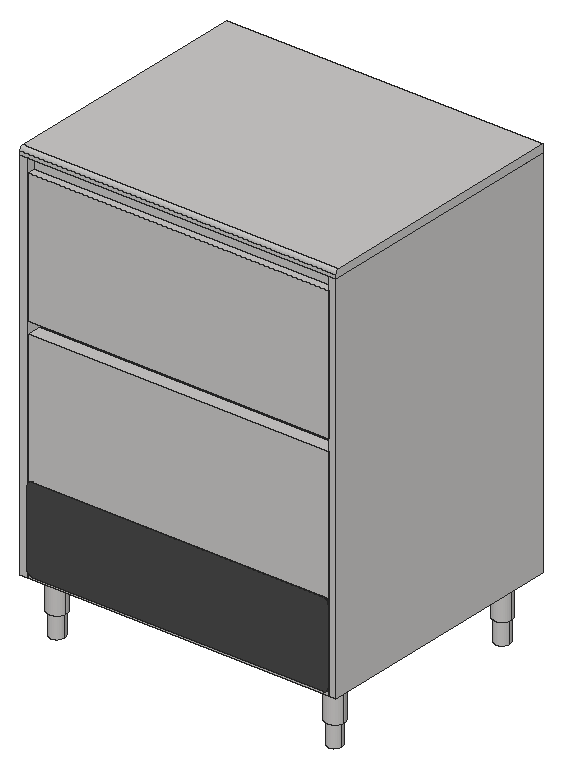
Revit family "QF_ELECTROLUXPROFESSIONAL_730330_ICC153I75SNP", category Attrezzature speciali, Revit 2018
Family settings
  Quota connettore circolare = Usa diametro
  Tipo di parte = Normale
  Basato su piano di lavoro = No
  Sempre verticale = Sì
  Taglio con vuoti quando caricato = No
  Condiviso = No
  Punto di calcolo locali = No
Parameters (values of type "Standard")
  Weight = 95.00 kg
  Watts = 0 W
  Volts = 220 V
  URL Manufacturer = "https://www.electroluxprofessional.com/"
  URL = "https://www.electroluxprofessional.com/"
  Steam Supply Size = 0 mm
  Steam Supply Minimum Pressure = 0.0 Pa
  Steam Supply Maximum Pressure = 0.0 Pa
  Steam Pounds per Hour = 0
  Show Logo [instance] = yes
  Show Clearance [instance] = yes
  Refrigeration Suction Line Size = 0 mm
  Refrigeration Liquid Line Size = 0 mm
  Refrigerant Compressor Remote = yes
  Produttore = "Electrolux Professional"
  Phase = 1
  Modello = "ICC153I75SNP"
  Length Actual = 860 mm  # constant formula
  Item Number = "730330"
  Hot Water Size = 0 mm
  Height Actual = 1149 mm  # constant formula
  HP = "0 HP"
  Gas Size = 0 mm
  Gas KW = 0
  Gas Input Pressure = 0 W
  Descrizione = "AIR COOLED ICE CUBER 40GR 153KG/24H-BIN 75KG"
  Depth Actual = 700 mm  # constant formula
  Cycle = 50 Hz
  Condensate Return Size = 0 mm
  Compressed Air Volume = 0.0 L/s
  Compressed Air Size = 0 mm
  Compressed Air Pressure = 0.0 Pa
  Cold Water Size = 19.05 mm
  Accessory = yes
Reference planes
  plane 1 "Center X": y = 272.851
  plane 2: z = 0
  plane 3 "Center Y": x = -501.5
  plane 4 "LEFT": x = -931.5
  plane 5 "RIGHT": x = -71.5
  plane 6 "FRONT": y = -77.649
  plane 7 "BACK": y = 623.351
  plane 8: z = 154
  plane 9: z = 1198
  plane 10: z = 1178
  plane 11: x = -911.5
  plane 12: x = -91.5
  plane 13: y = -37.649
Forms (mm)
  Extrusion 1, solid, material "QF_Finishes_Black"
    sketch origin (-217.296, -77.649, 371.513) x (-1, 0, 0) y (0, 0, -1)
      loop
        arc (679.204, -20.487) -> (689.811, -16.093) -> (694.204, -5.487) r 15
        line (694.204, -5.487) -> (694.204, 195.469)
        arc (694.204, 195.469) -> (689.811, 206.075) -> (679.204, 210.469) r 15
        line (679.204, 210.469) -> (-110.796, 210.469)
        arc (-110.796, 210.469) -> (-121.403, 206.075) -> (-125.796, 195.469) r 15
        line (-125.796, 195.469) -> (-125.796, -5.487)
        arc (-125.796, -5.487) -> (-121.403, -16.093) -> (-110.796, -20.487) r 15
        line (-110.796, -20.487) -> (679.204, -20.487)
    from 0 to 2
  Extrusion 2, solid, material "QF_Finishes_Stainless Steel"
    sketch origin (-501.5, 0, 0) x (0, 1, 0) y (0, 0, 1)
      loop
        line (623.351, 1178) -> (623.351, 1198) -> (-67.649, 1198)
        arc (-67.649, 1198) -> (-74.72, 1195.071) -> (-77.649, 1188) r 10
        line (-77.649, 1188) -> (-77.649, 1178) -> (623.351, 1178)
    from -430 to 430
  Extrusion 3, solid, material "QF_Finishes_Stainless Steel"
    sketch origin (-519.2, 623.351, -284.545) x (1, 0, 0) y (0, 0, -1)
      loop
        circle (378.2, -654.545) r 10
    from 0 to 10
  Extrusion 4, solid, material "QF_Finishes_Stainless Steel"
    sketch origin (0, 0, 0) x (1, 0, 0) y (0, 1, 0)
      loop
        line (-931.5, 623.351) -> (-931.5, -77.649) -> (-911.5, -77.649) -> (-911.5, 623.351) -> (-931.5, 623.351)
    from 154 to 1178
  Extrusion 5, solid, material "QF_Finishes_Stainless Steel"
    sketch origin (0, 0, 0) x (1, 0, 0) y (0, 1, 0)
      loop
        line (-91.5, 623.351) -> (-91.5, -77.649) -> (-71.5, -77.649) -> (-71.5, 623.351) -> (-91.5, 623.351)
    from 154 to 1178
  Extrusion 6, solid, material "QF_Finishes_Stainless Steel"
    sketch origin (0, 0, 0) x (1, 0, 0) y (0, 1, 0)
      loop
        line (-911.5, 623.351) -> (-911.5, -37.649) -> (-91.5, -37.649) -> (-91.5, 623.351) -> (-911.5, 623.351)
    from 154 to 1178
  Extrusion 7, solid, material "QF_Finishes_Stainless Steel"
    sketch origin (0, 0, 0) x (1, 0, 0) y (0, 1, 0)
      loop
        line (-911.5, -77.649) -> (-91.5, -77.649) -> (-91.5, -37.649) -> (-911.5, -37.649) -> (-911.5, -77.649)
    from 154 to 748.657
  Extrusion 8, solid, material "QF_Finishes_Stainless Steel"
    sketch origin (-501.5, 0, 0) x (0, 1, 0) y (0, 0, 1)
      loop
        line (-37.649, 1178) -> (-57.649, 1178) -> (-57.649, 1142) -> (-77.649, 1142) -> (-77.649, 780.633) -> (-57.649, 780.633) -> (-57.649, 765.633) -> (-37.649, 765.633) -> (-37.649, 1178)
    from -410 to 410
  Extrusion 9, solid, material "QF_Finishes_Stainless Steel"
    sketch origin (-504.7, 623.351, -432.545) x (1, 0, 0) y (0, 0, -1)
      loop
        circle (378.2, -654.545) r 10
    from 0 to 10
  Extrusion 10, solid, material "QF_Finishes_Stainless Steel"
    sketch origin (-560.2, 623.351, -316.545) x (1, 0, 0) y (0, 0, -1)
      loop
        circle (378.2, -654.545) r 10
    from 0 to 10
Lines and regions (mm)
  Split face 1
    outline origin (-501.5, -57.649, 1178) x (0, 0, -1) y (1, 0, 0)
      loop
        line (5.715, 287.428) -> (30.715, 287.428) -> (30.715, 327.428) -> (5.715, 327.428) -> (5.715, 287.428)
  symbolic lines
    curve 1: line (-931.5, 623.351, 0) -> (-71.5, 623.351, 0)
    curve 2: line (-931.5, -77.649, 0) -> (-931.5, 623.351, 0)
    curve 3: line (-71.5, -77.649, 0) -> (-931.5, -77.649, 0)
    curve 4: line (-71.5, 623.351, 0) -> (-71.5, -77.649, 0)
Dimensions and locks
  equal spacing: plane 4 "LEFT", plane 3 "Center Y", plane 5 "RIGHT"
  plane 4 "LEFT" to plane 5 "RIGHT" = 860 mm
  equal spacing: plane 7 "BACK", plane 1 "Center X", plane 6 "FRONT"
  plane 7 "BACK" to plane 6 "FRONT" = 701 mm
  plane 8 to plane 2 = 154 mm
  plane 9 to plane 8 = 1044 mm
  locked: plane 4 "LEFT" to plane 11 at 20
  locked: plane 12 to plane 5 "RIGHT" at 20
  locked: plane 9 to plane 10 at 20
  locked: plane 13 to plane 6 "FRONT" at 40
  aligned and locked: level to plane 2
  aligned and locked: plane 5 "RIGHT" to Extrusion 2
  aligned and locked: Extrusion 2 to plane 4 "LEFT"
  aligned and locked: Extrusion 4 sketch curve to Extrusion 2  (x2)
  aligned and locked: plane 6 "FRONT" to Extrusion 4 sketch curve
  aligned and locked: Extrusion 4 sketch curve to plane 11
  aligned and locked: Extrusion 5 sketch curve to plane 7 "BACK"
  aligned and locked: plane 12 to Extrusion 5 sketch curve
  aligned and locked: Extrusion 5 sketch curve to Extrusion 2  (x2)
  aligned and locked: plane 10 to Extrusion 4
  aligned and locked: plane 10 to Extrusion 5
  aligned and locked: Extrusion 4 to plane 8
  aligned and locked: Extrusion 5 to plane 8
  aligned and locked: Extrusion 6 sketch curve to Extrusion 4
  aligned and locked: Extrusion 4 to Extrusion 6 sketch curve
  aligned and locked: plane 13 to Extrusion 6 sketch curve
  aligned and locked: Extrusion 6 sketch curve to plane 12
  aligned and locked: plane 10 to Extrusion 6
  aligned and locked: Extrusion 6 to plane 8
  aligned and locked: Extrusion 4 to Extrusion 7 sketch curve
  aligned and locked: Extrusion 7 sketch curve to Extrusion 4
  aligned and locked: plane 13 to Extrusion 7 sketch curve
  aligned and locked: plane 12 to Extrusion 7 sketch curve
  aligned and locked: Extrusion 7 to plane 8
  aligned and locked: plane 12 to Extrusion 8
  aligned and locked: Extrusion 8 to plane 11
Automatic sketch dimensions
  curve 3 to plane 4 "LEFT" = 0 mm
  curve 3 to plane 5 "RIGHT" = 0 mm
  curve 3 to plane 6 "FRONT" = 0 mm
  curve 2 to plane 7 "BACK" = 0 mm
  Extrusion 1 sketch curve to plane 12 = 0 mm
  plane 8 to Extrusion 1 sketch curve = 7.044 mm
  Extrusion 1 sketch curve to Extrusion 1 sketch curve = 15 mm  (x3)
  plane 11 to Extrusion 1 sketch curve = 15 mm  (x2)
  Extrusion 1 sketch curve to Extrusion 1 sketch curve = 200.956 mm
  Extrusion 2 sketch curve to plane 6 "FRONT" = 0 mm
  Extrusion 2 sketch curve to plane 9 = 0 mm
  Extrusion 2 sketch curve to plane 7 "BACK" = 0 mm
  Extrusion 2 sketch curve to plane 10 = 0 mm
  plane 6 "FRONT" to Extrusion 2 sketch curve = 10 mm
  Extrusion 6 to Extrusion 3 sketch curve = 216 mm
  Extrusion 3 sketch curve to Extrusion 6 = 49.5 mm
  Split face 1 sketch curve to Extrusion 8 = 5.715 mm
  Extrusion 8 to Split face 1 sketch curve = 5.285 mm
  Split face 1 sketch curve to Extrusion 8 = 122.572 mm
  Split face 1 sketch curve to Split face 1 sketch curve = 40 mm
  Extrusion 9 sketch curve to Extrusion 6 = 35 mm
  Extrusion 6 to Extrusion 9 sketch curve = 68 mm
  Extrusion 10 sketch curve to Extrusion 6 = 90.5 mm
  Extrusion 6 to Extrusion 10 sketch curve = 184 mm
  Extrusion 8 sketch curve to plane 6 "FRONT" = 0 mm
  Extrusion 8 sketch curve to plane 10 = 0 mm
  Extrusion 8 sketch curve to plane 13 = 0 mm
  plane 6 "FRONT" to Extrusion 8 sketch curve = 20 mm
  Extrusion 8 sketch curve to Extrusion 8 sketch curve = 20 mm
  Extrusion 8 sketch curve to plane 10 = 36 mm
  Extrusion 8 sketch curve to Extrusion 8 sketch curve = 361.367 mm
  Extrusion 8 sketch curve to Extrusion 8 sketch curve = 15 mm
  radius of Extrusion 3 sketch curve = 10 mm
  radius of Extrusion 9 sketch curve = 10 mm
  radius of Extrusion 10 sketch curve = 10 mm
Nested families
  nested 1: "Foot_Complete" at (-879.5, -17.649, 0), type "Foot_Complete"
  nested 2: "Foot_Complete" at (-123.5, -17.649, 0) x (-1, 0, 0) z (0, 0, 1), type "Foot_Complete"
  nested 3: "Foot_Complete" at (-879.5, 552.351, 0), type "Foot_Complete"
  nested 4: "Foot_Complete" at (-123.5, 552.351, 0) x (-1, 0, 0) z (0, 0, 1), type "Foot_Complete"
Connectors
  electrical at (-126.5, 633.351, 222), driven by "Volts"
    settings: on Extrusion 9, index 1, voltage 220 V, apparent load 0 VA, apparent load phase1 0 VA, apparent load phase2 0 VA, apparent load phase3 0 VA, power factor 1, load classification "Altro", number of poles 1, system type 30, power factor state 1, is connector primary yes, connector utility no, sub classification motor no, connector description "Electrical Connection"
  piping at (-141, 633.351, 370), diameter 20
    settings: on Extrusion 3, index 2, connector inside diameter 609.6 mm, connector length 0 mm, flow factor 0, pipe flow 0.0 L/s, pressure drop 0.0 Pa, fitting loss kfactor 0, connector angle 0.00°, fixture units 0, engagement length 0 mm, angle of deflection 0.00°, flow configuration 0, flow direction 0, fitting loss method 0, system type 20, joint type 0, gender type 0, connector reference index -1, connector utility 0, adjustable connector no, is connector primary yes, connector description "Cold water"
  piping at (-182, 633.351, 338), diameter 20
    settings: on Extrusion 10, index 3, connector inside diameter 609.6 mm, connector length 0 mm, flow factor 0, pipe flow 0.0 L/s, pressure drop 0.0 Pa, fitting loss kfactor 0, connector angle 0.00°, fixture units 0, engagement length 0 mm, angle of deflection 0.00°, flow configuration 0, flow direction 0, fitting loss method 0, system type 16, joint type 0, gender type 0, connector reference index -1, connector utility 0, adjustable connector no, is connector primary no, connector description "Drain"
Definition of nested family "Foot_Complete"
  Parameters (values of type "Foot_Complete")
    R = 25 mm
    H = 153 mm
  Reference planes
    plane 1 "Centro (Fronte/Retro)": y = 0
    plane 2: z = 0
    plane 3 "Centro (Sinistra/Destra)": x = 0
    plane 4: z = 153
  Forms (mm)
    Revolve 1, solid
      sketch origin (255.05, 0, 608.09) x (0, 0, 1) y (-1, 0, 0)
        loop
          line (-608.09, 255.05) -> (-608.09, 235.05) -> (-548.09, 235.05) -> (-548.09, 230.05) -> (-455.09, 230.05) -> (-455.09, 255.05) -> (-608.09, 255.05)
        axis (-608.09, 255.05) -> (-455.09, 255.05)
      angle from 0 to 360
  Dimensions and locks
    level to Revolve 1 sketch curve = 60 mm
    "R": Revolve 1 sketch curve to plane 3 "Centro (Sinistra/Destra)"
    "H": plane 4 to level
    aligned and locked: level to plane 2
    aligned and locked: plane 4 to Revolve 1 sketch curve
    aligned and locked: Revolve 1 sketch curve to level
    aligned and locked: plane 3 "Centro (Sinistra/Destra)" to Revolve 1 sketch curve
  Automatic sketch dimensions
    Revolve 1 sketch curve to plane 3 "Centro (Sinistra/Destra)" = 0 mm
    plane 3 "Centro (Sinistra/Destra)" to Revolve 1 sketch curve = 20 mm
    Revolve 1 sketch curve to Revolve 1 sketch curve = 50 mm
    Revolve 1 sketch curve to Revolve 1 sketch curve = 20 mm
